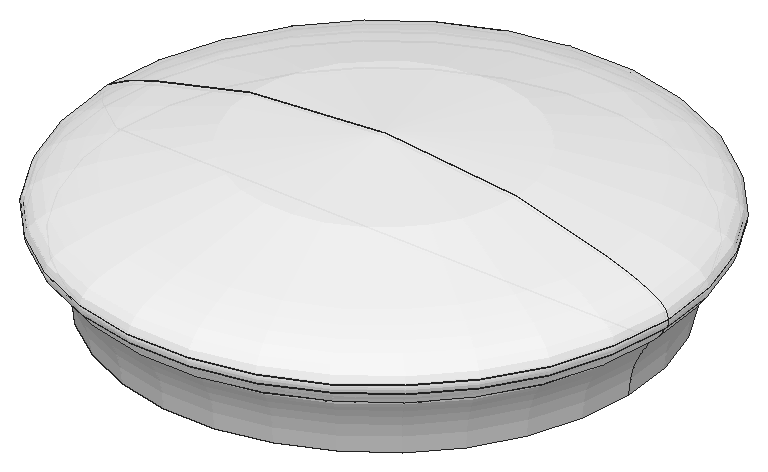
Revit family "0043413", category Lighting Devices, host Face, Revit 2023 (continued)
Definition of nested family "0043413_4000K_EM_lightsource"
  Parameters (values of type "START SURFACE IP54 2500-4000 830/840 EM lightsource")
    built-in parameter 1150142 = "IESNA:LM-63-2002\r\n[TEST] 20231017002M-01\r\n[TESTLAB] \r\n[TESTDATE] 27 Jan 2000\r\n[ISSUEDATE] 27 Jan 2000\r\n[MANUFAC] SYLVANIA\r\n[LUMCAT] 0043413\r\n[LUMINAIRE] START Surface IP44 Multip 4000lm 830 840 EM-4000K ¨®|?¡À\r\n[FLASHAREA] 0.030401\r\n[LAMPCAT] LED\r\n[LAMP] LED\r\nTILT=NONE\r\n1 448.30 1.0 181 4 1 2 -0.400 -0.400 0.000\r\n1.00 1.00 2.90\r\n0.00 1.00 2.00 3.00 4.00 5.00 6.00 7.00 8.00 9.00 10.00 \r\n11.00 12.00 13.00 14.00 15.00 16.00 17.00 18.00 19.00 \r\n20.00 21.00 22.00 23.00 24.00 25.00 26.00 27.00 28.00 \r\n29.00 30.00 31.00 32.00 33.00 34.00 35.00 36.00 37.00 \r\n38.00 39.00 40.00 41.00 42.00 43.00 44.00 45.00 46.00 \r\n47.00 48.00 49.00 50.00 51.00 52.00 53.00 54.00 55.00 \r\n56.00 57.00 58.00 59.00 60.00 61.00 62.00 63.00 64.00 \r\n65.00 66.00 67.00 68.00 69.00 70.00 71.00 72.00 73.00 \r\n74.00 75.00 76.00 77.00 78.00 79.00 80.00 81.00 82.00 \r\n83.00 84.00 85.00 86.00 87.00 88.00 89.00 90.00 91.00 \r\n92.00 93.00 94.00 95.00 96.00 97.00 98.00 99.00 100.00 \r\n101.00 102.00 103.00 104.00 105.00 106.00 107.00 108.00 \r\n109.00 110.00 111.00 112.00 113.00 114.00 115.00 116.00 \r\n117.00 118.00 119.00 120.00 121.00 122.00 123.00 124.00 \r\n125.00 126.00 127.00 128.00 129.00 130.00 131.00 132.00 \r\n133.00 134.00 135.00 136.00 137.00 138.00 139.00 140.00 \r\n141.00 142.00 143.00 144.00 145.00 146.00 147.00 148.00 \r\n149.00 150.00 151.00 152.00 153.00 154.00 155.00 156.00 \r\n157.00 158.00 159.00 160.00 161.00 162.00 163.00 164.00 \r\n165.00 166.00 167.00 168.00 169.00 170.00 171.00 172.00 \r\n173.00 174.00 175.00 176.00 177.00 178.00 179.00 180.00 \r\n0.00 30.00 60.00 90.00 \r\n112.16 112.08 111.99 111.90 111.76 111.63 111.45 111.22 \r\n111.00 110.77 110.46 110.15 109.83 109.52 109.12 108.67 \r\n108.22 107.77 107.28 106.74 106.20 105.57 104.99 104.32 \r\n103.65 102.93 102.21 101.45 100.64 99.79 98.94 98.00 \r\n97.10 96.07 95.04 94.01 92.93 91.86 90.74 89.62 88.40 \r\n87.19 85.94 84.64 83.34 82.04 80.69 79.30 77.91 76.48 \r\n75.00 73.48 72.00 70.43 68.86 67.25 65.63 64.02 62.36 \r\n60.70 59.04 57.38 55.68 54.02 52.27 50.61 48.91 47.21 \r\n45.55 43.85 42.18 40.54 38.91 37.33 35.74 34.20 32.69 \r\n31.26 29.84 28.48 27.17 25.91 24.71 23.56 22.45 21.46 \r\n20.45 19.51 18.60 17.79 17.04 16.32 15.67 15.07 14.53 \r\n14.02 13.57 13.16 12.77 12.41 12.11 11.82 11.56 11.33 \r\n11.14 10.96 10.80 10.67 10.53 10.42 10.30 10.18 10.10 \r\n9.97 9.85 9.73 9.63 9.52 9.40 9.29 9.17 9.05 8.92 8.79 \r\n8.66 8.51 8.39 8.24 8.09 7.94 7.80 7.63 7.48 7.32 7.19 \r\n7.03 6.88 6.72 6.55 6.40 6.23 6.04 5.86 5.67 5.52 5.39 \r\n5.26 5.13 4.99 4.88 4.73 4.58 4.47 4.36 4.27 4.26 4.25 \r\n4.26 4.22 4.09 3.96 3.83 3.73 3.60 3.47 3.36 3.23 3.03 \r\n2.86 2.68 2.46 2.22 1.92 1.52 1.27 1.08 0.97 0.72 0.66 \r\n0.66 0.66 \r\n112.16 112.12 111.99 111.90 111.76 111.63 111.45 111.27 \r\n111.04 110.77 110.51 110.19 109.88 109.47 109.12 108.76 \r\n108.31 107.82 107.32 106.83 106.25 105.66 105.04 104.36 \r\n103.69 103.02 102.26 101.50 100.73 99.93 99.03 98.13 \r\n97.24 96.29 95.26 94.28 93.29 92.22 91.09 89.93 88.76 \r\n87.60 86.34 85.09 83.74 82.44 81.10 79.71 78.27 76.84 \r\n75.36 73.88 72.36 70.83 69.26 67.69 66.08 64.47 62.81 \r\n61.19 59.49 57.83 56.13 54.47 52.76 51.06 49.36 47.65 \r\n46.00 44.32 42.63 40.98 39.38 37.80 36.23 34.77 33.31 \r\n31.87 30.48 29.14 27.85 26.55 25.34 24.13 22.97 21.83 \r\n20.79 19.75 18.80 17.97 17.22 16.53 15.88 15.26 14.73 \r\n14.24 13.78 13.36 13.01 12.65 12.34 12.06 11.79 11.55 \r\n11.35 11.16 10.99 10.84 10.68 10.58 10.47 10.36 10.28 \r\n10.19 10.10 10.04 9.97 9.89 9.82 9.75 9.67 9.58 9.50 9.41 \r\n9.33 9.26 9.18 9.09 8.99 8.92 8.83 8.74 8.67 8.58 8.46 \r\n8.35 8.22 8.10 7.98 7.85 7.71 7.58 7.45 7.30 7.14 7.00 \r\n6.85 6.71 6.59 6.49 6.37 6.23 6.06 5.91 5.68 5.40 5.17 \r\n4.97 4.79 4.61 4.44 4.27 4.08 3.89 3.68 3.49 3.35 3.17 \r\n2.95 2.69 2.42 2.11 1.86 1.80 1.50 1.19 0.99 0.72 0.68 \r\n0.68 0.66 \r\n112.16 112.12 112.08 111.99 111.90 111.76 111.63 111.49 \r\n111.27 111.04 110.82 110.55 110.24 109.92 109.61 109.21 \r\n108.80 108.35 107.91 107.46 106.92 106.38 105.84 105.22 \r\n104.54 103.92 103.24 102.48 101.72 100.91 100.11 99.25 \r\n98.36 97.46 96.43 95.40 94.41 93.34 92.26 91.14 90.02 \r\n88.81 87.60 86.39 85.09 83.79 82.49 81.14 79.75 78.36 \r\n76.93 75.45 73.97 72.45 70.92 69.35 67.78 66.17 64.60 \r\n62.94 61.28 59.62 57.92 56.26 54.56 52.85 51.15 49.45 \r\n47.79 46.04 44.37 42.71 41.07 39.45 37.88 36.34 34.85 \r\n33.42 32.01 30.62 29.25 27.95 26.62 25.32 24.05 22.83 \r\n21.68 20.66 19.67 18.73 17.89 17.10 16.37 15.70 15.10 \r\n14.53 14.02 13.57 13.15 12.77 12.41 12.10 11.82 11.56 \r\n11.34 11.14 10.91 10.76 10.61 10.45 10.33 10.22 10.14 \r\n10.01 9.93 9.85 9.76 9.70 9.61 9.54 9.47 9.40 9.32 9.25 \r\n9.18 9.09 9.04 8.95 8.89 8.81 8.74 8.69 8.61 8.52 8.43 \r\n8.32 8.21 8.10 7.99 7.86 7.74 7.61 7.47 7.33 7.16 6.99 \r\n6.83 6.65 6.49 6.33 6.17 6.03 5.95 5.77 5.62 5.42 5.15 \r\n4.87 4.56 4.31 4.11 3.97 3.85 3.68 3.48 3.25 3.00 2.73 \r\n2.47 2.24 2.02 1.86 1.79 1.79 1.56 1.08 0.78 0.66 0.66 \r\n0.66 0.66 \r\n112.16 112.16 112.16 112.16 112.08 111.99 111.90 111.76 \r\n111.63 111.40 111.22 110.95 110.73 110.46 110.10 109.79 \r\n109.43 109.03 108.62 108.13 107.68 107.14 106.61 106.02 \r\n105.40 104.77 104.10 103.38 102.66 101.90 101.09 100.28 \r\n99.43 98.54 97.59 96.65 95.67 94.68 93.61 92.57 91.50 \r\n90.38 89.17 87.96 86.75 85.45 84.15 82.80 81.46 80.07 \r\n78.63 77.20 75.72 74.19 72.67 71.15 69.58 68.01 66.35 \r\n64.78 63.12 61.46 59.76 58.10 56.40 54.69 52.99 51.29 \r\n49.58 47.88 46.17 44.51 42.81 41.18 39.53 37.98 36.44 \r\n34.98 33.56 32.15 30.78 29.45 28.09 26.78 25.44 24.18 \r\n22.93 21.73 20.64 19.63 18.62 17.73 16.96 16.25 15.57 \r\n14.97 14.42 13.92 13.47 13.04 12.68 12.33 12.01 11.73 \r\n11.49 11.24 11.04 10.83 10.68 10.53 10.36 10.24 10.12 \r\n10.00 9.89 9.78 9.68 9.55 9.44 9.32 9.17 9.06 8.95 8.82 \r\n8.69 8.58 8.44 8.30 8.16 8.02 7.88 7.73 7.60 7.48 7.36 \r\n7.24 7.11 7.00 6.87 6.76 6.63 6.53 6.39 6.19 6.04 5.89 \r\n5.71 5.55 5.38 5.23 5.11 4.95 4.80 4.67 4.53 4.38 4.23 \r\n4.10 3.94 3.75 3.61 3.44 3.31 3.15 3.00 2.86 2.73 2.65 \r\n2.50 2.29 2.06 1.84 1.69 1.65 1.62 1.33 1.01 0.78 0.67 \r\n0.67 0.67 \r\n"
    Model = "START SURFACE IP54 2500-4000 830/840 EM lightsource"
    Manufacturer = "Feilo Sylvania"
    built-in parameter 1150105 = 76.998 (stored number, unit not read)
    Lumens = 321.9 lm
    built-in parameter 1150115 = 1 (stored number, unit not read)
    built-in parameter 1150137 = (empty or 0)
    built-in parameter 1150139 = (empty or 0)
    built-in parameter 1150112 = 1 (stored number, unit not read)
    built-in parameter 1150114 = 1 (stored number, unit not read)
    Lamp = "LED"
    Keynote = "16500"
    built-in parameter 1150132 = (empty or 0)
    built-in parameter 1150102 = 111
    built-in parameter 1150107 = 4000 (stored number, unit not read)
    built-in parameter 1150138 = (empty or 0)
    built-in parameter 1150106 = 0.76998 (stored number, unit not read)
    Emit from Circle Diameter = 400 mm  # constant formula
    Emit Shape Visible in Rendering = no
    built-in parameter 1150104 = 10.312 (stored number, unit not read)
    Dimming Lamp Color Temperature Shift = (empty or 0)
    Description = ""
    Default Elevation = 1219.2 mm
    Cost = 0
    Color Filter = 16777215
    built-in parameter 1114216 [instance] = (empty or 0)
    built-in parameter 1114218 = 1 (stored number, unit not read)
    built-in parameter 1150133 = 10 (stored number, unit not read)
    Assembly Code = "D5020200"
    Apparent Load = 0 VA
  Reference planes
    plane 1 "Center (Front/Back)": y = 0
    plane 2: z = 0
    plane 3 "Center (Left/Right)": x = 0
  Forms (mm)
    Extrusion 1, solid
      sketch origin (4.2, 0, 0) x (1, 0, 0) y (0, 1, 0)
        loop
          line (-1219.2, 1219.2) -> (-1219.2, -1219.2) -> (1219.2, -1219.2) -> (1219.2, 1219.2) -> (-1219.2, 1219.2)
      from 0 to -68.017
  Dimensions and locks
    aligned and locked: plane 2 to Extrusion 1
    aligned and locked: level to Extrusion 1
